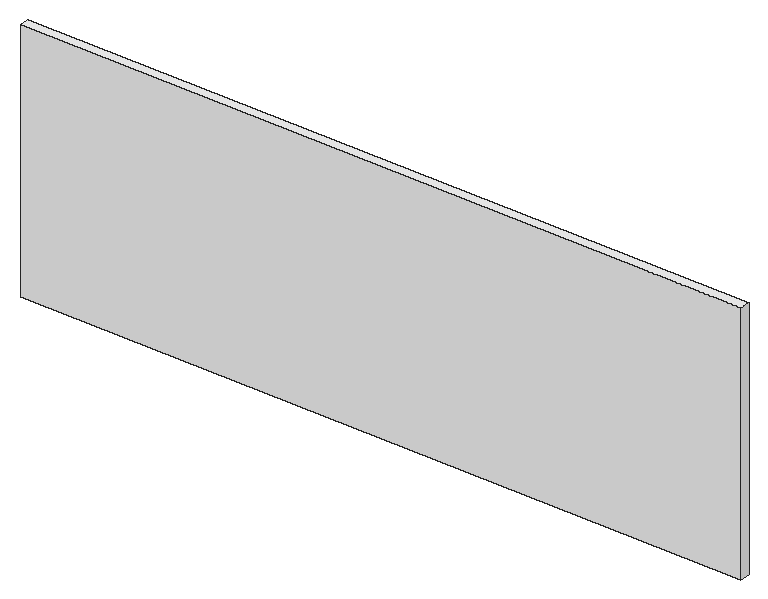
Revit family "IS_ConnectAir_E1147_BIM_FR", category Plumbing Fixtures, host Face, Revit 2017
Family settings
  Host = Face
  Round Connector Dimension = Use Diameter
  Part Type = Normal
  OmniClass Number = 23.45.05.14.17.11
  OmniClass Title = Shower Compartments
  Cut with Voids When Loaded = No
  Shared = Yes
  Room Calculation Point = No
Parameters (values of type "E1147B2 - 130CM Worktop for Vessel Installation Gls Matt White")
  ZoneDeMesure = "n/a"
  WFU = 0
  UrlDuFabricant = "www.idealstandard.be"
  UnitéMonétaire = "€"
  UnitéDeTemps = "An"
  UnitéDeMesure = "Millimètres"
  Uniclass2015Title = "Bathroom integrated furniture"
  Uniclass2015Code = "Pr_40_30_78_05"
  URL = "www.idealstandard.be"
  Téléphone = "0032 2 325 66 00"
  TypeDImmobilisation = "n/a"
  Style = "n/a"
  Révision = "1"
  Référence = "n/a"
  Raccordement = "Plomberie"
  Profondeur = 0 mm
  PoidsNet = "n/a"
  PoidsBrut = "n/a"
  PiècesDétachées = "isaftersalesbelgium@idealstandard.com"
  PerformanceDeDurabilité = "n/a"
  PerformanceAccessibilité = "n/a"
  Nom = "n/a"
  NBSReference = "45-35-72/320"
  NBSDescription = "Bathroom cabinets"
  Model = "E1142B2"
  Matériel = "Panneau de fibres"
  Marque = "Ideal Standard"
  Manufacturer = "www.idealstandard.be"
  MainColour = ISI_IdealStandard_Laminate_White_Render
  Longueur = 440 mm
  LienUtile = "www.idealstandard.be"
  Largeur = 1300 mm
  Keynote = "n/a"
  InformationsProduit = "www.idealstandard.be"
  IfcExportType = "USERDEFINED"
  IfcExportAs = "IfcFurnitureType"
  Hauteur = 18 mm
  HWFU = 0
  Grade = "n/a"
  GarantieDeTravail = "n/a"
  Forme = "Complexe"
  Finition = "0"
  Espace = "Interne"
  EffectuéPar = "n/a"
  DétailGarantie = "n/a"
  DébitL/Mn = "n/a"
  DuréeGarantie = "n/a"
  DuréeDeVie = "n/a"
  DuréeDeGarantieDesPièces = "n/a"
  DuréeDeGarantieDeTravail = "n/a"
  Dimensions = "18 x 1300 x 440 mm"
  Description = "-2146826246"
  Default Elevation = 800 mm
  DateDeCréation = "2018_08_15"
  CoûtDeRemplacement = 0
  Couleur = "0"
  Cost = 0
  ContactGarantieDesPièces = "isaftersalesbelgium@idealstandard.com"
  ConseilsDInstallation = "www.idealstandard.be"
  Conformité = "n/a"
  Composants = "n/a"
  CodeBarre = "n/a"
  Caractéristiques = "-2146826246"
  CWFU = 0
  Bim-NomDuProjet = "ISI_IdealStandard_ConnectAir_E1147"
  Assembly Code = "C1030200"
  Accessoires = "www.idealstandard.be"
Types (5, lengths in mm): name | PoidsNet | Model | MainColour | Finition | Description | Couleur | Caractéristiques
  E1147B2 - 130CM Worktop for Vessel Installation Gls Matt White | "n/a" | "E1142B2" | ISI_IdealStandard_Laminate_White_Render | "0" | "-2146826246" | "0" | "-2146826246"
  E1147PS - 130CM Worktop for Vessel Installation Gls Light Grey | "9 Kg" | "E1147PS" | ISI_IdealStandard_Furniture_Grey_Render | "Wood Light Grey+Mat Blanc" | "Plan Pour Installation Vasque" | "Wood Light Grey+Mat Blanc" | "Plan Pour Installation Vasque"
  E1147EQ - 130CM Worktop for Vessel Installation Wood Light Grey | "9 Kg" | "E1147EQ" | ISI_IdealStandard_Furniture_WoodLightGrey_Render | "Brilliant Light Grey+Mat Blanc" | "Plan Pour Installation Vasque" | "Brilliant Light Grey+Mat Blanc" | "Plan Pour Installation Vasque"
  E1147UK - 130CM Worktop for Vessel Installation Wood Light Brown | "9 Kg" | "E1147UK" | ISI_IdealStandard__WoodLightBrown_Render | "Wood Light Brown+Mat Lt Brown" | "Plan Pour Installation Vasque" | "Wood Light Brown+Mat Lt Brown" | "Plan Pour Installation Vasque"
  E1147VY - 130CM Worktop for Vessel Installation Matt Dark Brown | "9 Kg" | "E1147VY" | ISI_IdealStandard_Furniture_DarkBrown_Render | "Mat Dark Brown+Mat Blanc" | "Plan Pour Installation Vasque" | "Mat Dark Brown+Mat Blanc" | "Plan Pour Installation Vasque"
Reference planes
  plane 1 "Center (Front/Back)": y = 0
  plane 2: z = 0
  plane 3 "Center (Left/Right)": x = 0
  plane 4: y = 18
  plane 5: x = 1300
  plane 6: z = 440
Forms (mm)
  Extrusion 1, solid, material "ISI_IdealStandard_Laminate_White_Render" <- "MainColour"
    sketch origin (0, 0, 0) x (1, 0, 0) y (0, 1, 0)
      loop
        line (0, 18) -> (0, 0) -> (1300, 0) -> (1300, 18) -> (0, 18)
    from 0 to 440
Dimensions and locks
  locked: plane 2 to plane 6 at 440
  locked: plane 3 "Center (Left/Right)" to plane 5 at 1300
  locked: plane 1 "Center (Front/Back)" to plane 4 at 18
  aligned and locked: plane 2 to host face
  aligned and locked: level to host face
  aligned and locked: plane 6 to Extrusion 1
  aligned and locked: Extrusion 1 to level
  aligned and locked: Extrusion 1 to plane 2
